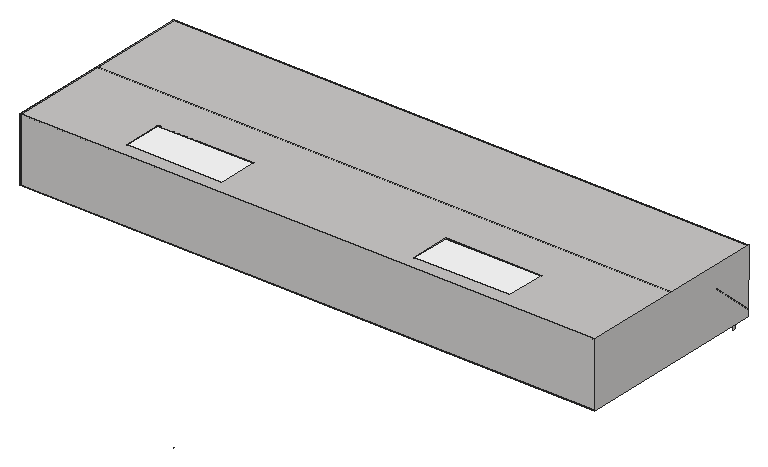
Revit family "QF_ELECTROLUXPROFESSIONAL_640194_EPF1236", category Attrezzature speciali, Revit 2021
Family settings
  Quota connettore circolare = Usa diametro
  Tipo di parte = Normale
  Basato su piano di lavoro = No
  Sempre verticale = Sì
  Taglio con vuoti quando caricato = No
  Condiviso = No
  Punto di calcolo locali = No
Parameters (values of type "Standard")
  Weight = 117.00 kg
  Watts = 0 W
  Volts = 0 V
  URL Manufacturer = "https://www.electroluxprofessional.com/"
  URL = "https://www.electroluxprofessional.com/"
  Steam Supply Size = 0 mm
  Steam Supply Minimum Pressure = 0.0 Pa
  Steam Supply Maximum Pressure = 0.0 Pa
  Steam Consumption per Hour = 0
  Refrigeration Suction Line Size = 0 mm
  Refrigeration Liquid Line Size = 0 mm
  Refrigerant Compressor Remote = yes
  Prospetto di default = 0 mm
  Produttore = "Electrolux Professional"
  Phase = 0
  Modello = "EPF1236"
  Length Actual = 3600 mm  # constant formula
  Item Number = "640194"
  Hot Water Size = 0 mm
  Height Actual = 400 mm  # constant formula
  HP = "0 HP"
  Gas Size = 0 mm
  Gas KW = 0
  Gas Input Pressure = 0 W
  Direct Waste Size = 0 mm
  Descrizione = "304 S/S WALL HOOD+FILTERS 360X120 CM"
  Depth Actual = 1200 mm  # constant formula
  Cycle = 0 Hz
  Condensate Return Size = 0 mm
  Compressed Air Volume = 0.0 L/s
  Compressed Air Size = 0 mm
  Compressed Air Pressure = 0.0 Pa
  Cold Water Size = 0 mm
  Accessory = yes
Reference planes
  plane 1: z = 0
  plane 2 "Center (Left/Right)": x = 150
  plane 3 "LEFT": x = -1650
  plane 4 "RIGHT": x = 1950
  plane 5 "BACK": y = 550
  plane 6 "TOP": z = 2400
  plane 7 "Base": z = 2000
  plane 8: z = 1970
  plane 9 "DrainY": y = 450
  plane 10: x = -1647
  plane 11: y = -320
  plane 12: y = -570
  plane 13 "DrainX": x = 1937
  plane 14 "AOLeft2": x = -450
  plane 15 "AORight1": x = 750
  plane 16: x = 1947
  plane 17: x = -1450
  plane 18: x = 1750
  plane 19 "Center (Front/Back)": y = -50
  plane 20 "Front": y = -650
  plane 21: through (0, -49.6, 2399.19) normal (0, -0.5736, 0.8192)
  plane 22: x = 50
  plane 23: x = 250
  plane 24 "AOLeft1": x = -1050
  plane 25 "AORight2": x = 1350
Forms (mm)
  Extrusion 1, solid, material "QF_Finishes_Stainless Steel"
    sketch origin (-1650, 0, 360) x (0, 1, 0) y (0, 0, 1)
      loop
        line (550, 1640) -> (550, 2040) -> (-650, 2040) -> (-650, 1640) -> (550, 1640)
    from 0 to 3
  Extrusion 2, solid, material "QF_Finishes_Stainless Steel"
    sketch origin (1950, 0, 360) x (0, 1, 0) y (0, 0, 1)
      loop
        line (550, 1640) -> (550, 2040) -> (-650, 2040) -> (-650, 1640) -> (550, 1640)
    from 0 to -3
  Extrusion 3, solid, material "QF_Finishes_Stainless Steel"
    sketch origin (150, 0, 360) x (0, 1, 0) y (0, 0, 1)
      loop
        line (-650, 2040) -> (-650, 1640) -> (-640, 1640) -> (-640, 1640.8) -> (-649.2, 1640.8) -> (-649.2, 2039.19) -> (549.2, 2039.19) -> (549.2, 1640.8) -> (540, 1640.8) -> (540, 1640) -> (550, 1640) -> (550, 2040) -> (-650, 2040)
    from -1800 to 1800
  Extrusion 4, solid, material "QF_Finishes_Stainless Steel"
    sketch origin (0, 0, 2000) x (0, 1, 0) y (-1, 0, 0)
      loop
        circle (450, -1937) r 4.763
    from -30 to 0
  Extrusion 5, void
    sketch origin (0, 0, 2400) x (0, 1, 0) y (-1, 0, 0)
      loop
        line (-320, 450) -> (-320, 1050) -> (-570, 1050) -> (-570, 450) -> (-320, 450)
    from 0 to -10
  Extrusion 6, solid, material "QF_Finishes_Stainless Steel"
    sketch origin (0, 0, 0) x (1, 0, 0) y (0, 1, 0)
      loop
        line (-1650, 550) -> (-1650, 549) -> (-1649, 549) -> (-1649, 550) -> (-1650, 550)
    from 0 to 1
  Extrusion 7, solid, material "QF_Finishes_Stainless Steel"
    sketch origin (150, 0, 360) x (0, 1, 0) y (0, 0, 1)
      loop
        line (-131.515, 1981.832) -> (-134.381, 1985.926) -> (-573.276, 1678.608) -> (-570.553, 1674.415) -> (-131.515, 1981.832)
    from -1600 to -1797
  Extrusion 8, solid, material "QF_Finishes_Stainless Steel"
    sketch origin (150, 0, 360) x (0, 1, 0) y (0, 0, 1)
      loop
        line (-650, 2039.19) -> (-650, 1640) -> (-619.702, 1640) -> (-570.553, 1674.415) -> (-578.723, 1686.995) -> (-579.394, 1686.559) -> (-571.645, 1674.627) -> (-619.955, 1640.8) -> (-649.2, 1640.8) -> (-649.2, 2039.19) -> (-650, 2039.19)
      loop
        line (-49.6, 2039.19) -> (-50.995, 2039.19) -> (-131.319, 1982.947) -> (-139.464, 1994.578) -> (-140.119, 1994.12) -> (-131.515, 1981.832) -> (-49.6, 2039.19)
    from -1797 to 1797
  Extrusion 9, solid, material "QF_Finishes_Stainless Steel"
    sketch origin (150, 0, 360) x (0, 1, 0) y (0, 0, 1)
      loop
        line (-131.515, 1981.832) -> (-134.381, 1985.926) -> (-573.276, 1678.608) -> (-570.553, 1674.415) -> (-131.515, 1981.832)
    from 1797 to 1600
  Extrusion 10, solid, material "QF_Finishes_Stainless Steel"
    sketch origin (150, 0, 360) x (0, 1, 0) y (0, 0, 1)
      loop
        line (-131.515, 1981.832) -> (-134.381, 1985.926) -> (-573.276, 1678.608) -> (-570.553, 1674.415) -> (-131.515, 1981.832)
    from -100 to 100
  Extrusion 11, solid, material "QF_Finished_Chrome"
    sketch origin (150, 0, 360) x (0, 1, 0) y (0, 0, 1)
      loop
        line (-131.515, 1981.832) -> (-134.381, 1985.926) -> (-573.276, 1678.608) -> (-570.553, 1674.415) -> (-131.515, 1981.832)
    from -1600 to -100
  Extrusion 12, solid, material "QF_Finished_Chrome"
    sketch origin (150, 0, 360) x (0, 1, 0) y (0, 0, 1)
      loop
        line (-131.515, 1981.832) -> (-134.381, 1985.926) -> (-573.276, 1678.608) -> (-570.553, 1674.415) -> (-131.515, 1981.832)
    from 100 to 1600
  Sweep 13, solid, material "QF_Finishes_Stainless Steel"
    path origin (0, 0, 0) x (1, 0, 0) y (0, 1, 0)
      loop
        line (1950, 550) -> (-1650, 550) -> (-1650, -650) -> (1950, -650) -> (1950, 550)
    profile origin (1950, -50, 0) x (1, 0, 0) y (0, 0, 1)
      loop
        line (-3, 2000) -> (-3, 2000.8) -> (-19, 2000.8) -> (-19, 2010) -> (-20, 2010) -> (-20, 2000) -> (-3, 2000)
  Extrusion 14, solid, material "QF_Finishes_Stainless Steel"
    sketch origin (150, 0, 0) x (0, 1, 0) y (0, 0, 1)
      loop
        line (549.2, 2040.8) -> (549.2, 2041.877) -> (289.521, 2275.693) -> (-43.438, 2399.19) -> (-45.739, 2399.19) -> (289.099, 2274.996) -> (549.2, 2040.8)
    from -1797 to 1797
  Extrusion 15, void
    sketch origin (1134.605, 0, 2400) x (0, 1, 0) y (-1, 0, 0)
      loop
        line (-320, -215.395) -> (-320, 384.605) -> (-570, 384.605) -> (-570, -215.395) -> (-320, -215.395)
    from 0 to -10
Cuts and joins
  Extrusion 5, Extrusion 15 cuts Extrusion 3
  joined: Extrusion 2, Extrusion 3, Sweep 13
Lines and regions (mm)
  symbolic lines, style "SpecialityEquipment", detail levels coarse
    curve 1: line (1950, 550, 2400) -> (-1650, 550, 2400)
    curve 2: line (-1650, 550, 2400) -> (-1650, -650, 2400)
    curve 3: line (1950, -650, 2400) -> (1950, 550, 2400)
    curve 4: line (-1650, 550, 0) -> (1950, -650, 0)
    curve 5: line (1950, 550, 0) -> (-1650, -650, 0)
    curve 6: line (-1650, -650, 0) -> (1950, -650, 0)
    curve 7: line (-450, -320, 0) -> (-1050, -320, 0)
    curve 8: line (-450, -570, 0) -> (-450, -320, 0)
    curve 9: line (-1050, -570, 0) -> (-450, -570, 0)
    curve 10: line (-1050, -320, 0) -> (-1050, -570, 0)
    curve 11: line (750, -320, 0) -> (750, -570, 0)
    curve 12: line (1350, -320, 0) -> (750, -320, 0)
    curve 13: line (1350, -570, 0) -> (1350, -320, 0)
    curve 14: line (750, -570, 0) -> (1350, -570, 0)
Dimensions and locks
  plane 3 "LEFT" to plane 4 "RIGHT" = 3600 mm
  equal spacing: plane 3 "LEFT", plane 2 "Center (Left/Right)", plane 4 "RIGHT"
  plane 7 "Base" to plane 8 = 30 mm
  plane 5 "BACK" to plane 9 "DrainY" = 100 mm  (x2)
  plane 3 "LEFT" to plane 10 = 3 mm
  plane 13 "DrainX" to plane 4 "RIGHT" = 13 mm
  plane 16 to plane 4 "RIGHT" = 3 mm
  plane 3 "LEFT" to plane 17 = 200 mm
  plane 18 to plane 4 "RIGHT" = 200 mm
  locked: plane 14 "AOLeft2" to plane 15 "AORight1" at 1200
  equal spacing: plane 14 "AOLeft2", plane 2 "Center (Left/Right)", plane 15 "AORight1"
  locked: plane 7 "Base" to level at 2000
  locked: plane 6 "TOP" to plane 7 "Base" at 400
  plane 5 "BACK" to plane 20 "Front" = 1200 mm  (x2)
  equal spacing: plane 5 "BACK", plane 19 "Center (Front/Back)", plane 20 "Front"
  locked: plane 22 to plane 23 at 200
  equal spacing: plane 22, plane 2 "Center (Left/Right)", plane 23
  plane 12 to plane 20 "Front" = 80 mm
  locked: plane 11 to plane 12 at 250
  locked: plane 24 "AOLeft1" to plane 14 "AOLeft2" at 600
  locked: plane 15 "AORight1" to plane 25 "AORight2" at 600
  aligned and locked: level to plane 1
  aligned and locked: plane 4 "RIGHT" to Extrusion 3
  aligned and locked: Extrusion 3 to plane 3 "LEFT"
  aligned and locked: Extrusion 5 to plane 12
  aligned and locked: Extrusion 5 to plane 11
  aligned and locked: Extrusion 7 to plane 10
  aligned and locked: Extrusion 7 to plane 17
  aligned and locked: Extrusion 2 to plane 16
  aligned and locked: plane 16 to Extrusion 9
  aligned and locked: plane 18 to Extrusion 9
  aligned and locked: plane 23 to Extrusion 10
  aligned and locked: Extrusion 10 to plane 22
  aligned and locked: plane 22 to Extrusion 11
  aligned and locked: Extrusion 11 to plane 17
  aligned and locked: Extrusion 12 to plane 23
  aligned and locked: Extrusion 12 to plane 18
  aligned and locked: Extrusion 14 to plane 10
  aligned and locked: plane 16 to Extrusion 14
  aligned and locked: Extrusion 8 to plane 10
  aligned and locked: plane 16 to Extrusion 8
  aligned and locked: Extrusion 5 to plane 24 "AOLeft1"
  aligned and locked: Extrusion 5 to plane 14 "AOLeft2"
  aligned and locked: plane 25 "AORight2" to Extrusion 15
  aligned and locked: plane 15 "AORight1" to Extrusion 15
Automatic sketch dimensions
  Extrusion 1 sketch curve to plane 7 "Base" = 0 mm
  Extrusion 1 sketch curve to plane 20 "Front" = 0 mm
  Extrusion 1 sketch curve to plane 5 "BACK" = 0 mm
  Extrusion 1 sketch curve to plane 6 "TOP" = 0 mm
  Extrusion 2 sketch curve to plane 7 "Base" = 0 mm
  Extrusion 2 sketch curve to plane 20 "Front" = 0 mm
  Extrusion 2 sketch curve to plane 5 "BACK" = 0 mm
  Extrusion 2 sketch curve to plane 6 "TOP" = 0 mm
  Extrusion 3 sketch curve to plane 6 "TOP" = 0 mm
  Extrusion 3 sketch curve to plane 20 "Front" = 0 mm
  Extrusion 3 sketch curve to plane 7 "Base" = 0 mm  (x2)
  Extrusion 3 sketch curve to plane 5 "BACK" = 0 mm
  plane 20 "Front" to Extrusion 3 sketch curve = 0.8 mm
  Extrusion 3 sketch curve to Extrusion 3 sketch curve = 9.2 mm
  plane 7 "Base" to Extrusion 3 sketch curve = 0.8 mm  (x2)
  Extrusion 3 sketch curve to plane 5 "BACK" = 10 mm
  Extrusion 3 sketch curve to plane 5 "BACK" = 0.8 mm
  Extrusion 3 sketch curve to plane 6 "TOP" = 0.81 mm
  Extrusion 4 sketch curve to plane 9 "DrainY" = 0 mm
  Extrusion 4 sketch curve to plane 13 "DrainX" = 0 mm
  Extrusion 5 sketch curve to plane 12 = 0 mm
  plane 11 to Extrusion 5 sketch curve = 0 mm
  Extrusion 5 sketch curve to plane 14 "AOLeft2" = 0 mm
  Extrusion 5 sketch curve to plane 24 "AOLeft1" = 0 mm
  Extrusion 6 sketch curve to plane 3 "LEFT" = 0 mm
  Extrusion 6 sketch curve to plane 5 "BACK" = 0 mm
  plane 3 "LEFT" to Extrusion 6 sketch curve = 1 mm
  Extrusion 6 sketch curve to Extrusion 6 sketch curve = 1 mm
  Extrusion 7 sketch curve to plane 21 = 0 mm  (x2)
  Extrusion 7 sketch curve to plane 12 = 3.276 mm
  Extrusion 7 sketch curve to plane 12 = 0.553 mm
  Extrusion 7 sketch curve to plane 6 "TOP" = 54.074 mm
  Extrusion 7 sketch curve to plane 19 "Center (Front/Back)" = 84.381 mm
  Extrusion 8 sketch curve to plane 20 "Front" = 0 mm
  Extrusion 8 sketch curve to plane 7 "Base" = 0 mm
  Extrusion 8 sketch curve to plane 21 = 0 mm  (x4)
  plane 20 "Front" to Extrusion 8 sketch curve = 0.8 mm
  Extrusion 8 sketch curve to Extrusion 8 sketch curve = 0.252 mm
  Extrusion 8 sketch curve to plane 12 = 9.394 mm
  Extrusion 8 sketch curve to Extrusion 8 sketch curve = 0.671 mm
  Extrusion 8 sketch curve to plane 12 = 1.645 mm
  Extrusion 8 sketch curve to plane 12 = 0.553 mm
  Extrusion 8 sketch curve to plane 6 "TOP" = 45.88 mm
  Extrusion 8 sketch curve to plane 19 "Center (Front/Back)" = 90.119 mm
  Extrusion 8 sketch curve to plane 6 "TOP" = 45.422 mm
  Extrusion 8 sketch curve to plane 6 "TOP" = 57.053 mm
  Extrusion 8 sketch curve to plane 6 "TOP" = 0.81 mm  (x2)
  plane 7 "Base" to Extrusion 8 sketch curve = 0.8 mm
  Extrusion 8 sketch curve to Extrusion 8 sketch curve = 0.212 mm
  Extrusion 9 sketch curve to plane 21 = 0 mm  (x2)
  Extrusion 9 sketch curve to plane 12 = 3.276 mm
  Extrusion 9 sketch curve to plane 12 = 0.553 mm
  Extrusion 9 sketch curve to plane 6 "TOP" = 54.074 mm
  Extrusion 9 sketch curve to plane 19 "Center (Front/Back)" = 84.381 mm
  Extrusion 10 sketch curve to plane 21 = 0 mm  (x2)
  Extrusion 10 sketch curve to plane 12 = 3.276 mm
  Extrusion 10 sketch curve to plane 12 = 0.553 mm
  Extrusion 10 sketch curve to plane 6 "TOP" = 54.074 mm
  Extrusion 10 sketch curve to plane 19 "Center (Front/Back)" = 84.381 mm
  Extrusion 11 sketch curve to plane 21 = 0 mm  (x2)
  Extrusion 11 sketch curve to plane 12 = 3.276 mm
  Extrusion 11 sketch curve to plane 12 = 0.553 mm
  Extrusion 11 sketch curve to plane 6 "TOP" = 54.074 mm
  Extrusion 11 sketch curve to plane 19 "Center (Front/Back)" = 84.381 mm
  Extrusion 12 sketch curve to plane 21 = 0 mm  (x2)
  Extrusion 12 sketch curve to plane 12 = 3.276 mm
  Extrusion 12 sketch curve to plane 12 = 0.553 mm
  Extrusion 12 sketch curve to plane 6 "TOP" = 54.074 mm
  Extrusion 12 sketch curve to plane 19 "Center (Front/Back)" = 84.381 mm
  Sweep 13 sketch curve to plane 3 "LEFT" = 0 mm
  Sweep 13 sketch curve to plane 4 "RIGHT" = 0 mm
  Sweep 13 sketch curve to plane 20 "Front" = 0 mm
  Sweep 13 sketch curve to plane 5 "BACK" = 0 mm
  profile plane to Sweep 13 sketch curve = 20 mm
  Sweep 13 sketch curve to Sweep 13 sketch curve = 1 mm
  profile plane to Sweep 13 sketch curve = 3 mm
  level to Sweep 13 sketch curve = 2000 mm
  Sweep 13 sketch curve to Sweep 13 sketch curve = 0.8 mm
  Sweep 13 sketch curve to Sweep 13 sketch curve = 9.2 mm
  Extrusion 14 sketch curve to plane 6 "TOP" = 0.81 mm  (x2)
  plane 19 "Center (Front/Back)" to Extrusion 14 sketch curve = 6.562 mm
  Extrusion 14 sketch curve to plane 9 "DrainY" = 160.901 mm
  Extrusion 14 sketch curve to Extrusion 14 sketch curve = 0.422 mm
  Extrusion 14 sketch curve to plane 5 "BACK" = 0.8 mm
  Extrusion 14 sketch curve to plane 6 "TOP" = 124.307 mm
  Extrusion 14 sketch curve to Extrusion 14 sketch curve = 0.697 mm
  plane 7 "Base" to Extrusion 14 sketch curve = 41.877 mm
  Extrusion 14 sketch curve to Extrusion 14 sketch curve = 1.077 mm
  Extrusion 14 sketch curve to Extrusion 14 sketch curve = 2.3 mm
  Extrusion 15 sketch curve to plane 12 = 0 mm
  plane 11 to Extrusion 15 sketch curve = 0 mm
  Extrusion 15 sketch curve to plane 15 "AORight1" = 600 mm
  plane 23 to Extrusion 15 sketch curve = 500 mm
  curve 5 to plane 3 "LEFT" = 0 mm
  curve 4 to plane 3 "LEFT" = 0 mm
  curve 6 to plane 20 "Front" = 0 mm
  curve 5 to plane 4 "RIGHT" = 0 mm
  curve 6 to plane 4 "RIGHT" = 0 mm
  curve 5 to plane 5 "BACK" = 0 mm
  curve 4 to plane 5 "BACK" = 0 mm
  curve 2 to plane 3 "LEFT" = 0 mm
  curve 2 to plane 20 "Front" = 0 mm
  curve 3 to plane 4 "RIGHT" = 0 mm
  curve 3 to plane 20 "Front" = 0 mm
  curve 2 to plane 5 "BACK" = 0 mm
  plane 11 to curve 7 = 0 mm
  curve 7 to plane 24 "AOLeft1" = 0 mm
  curve 8 to plane 12 = 0 mm
  curve 8 to plane 14 "AOLeft2" = 0 mm
  plane 11 to curve 11 = 0 mm
  curve 11 to plane 15 "AORight1" = 0 mm
  curve 12 to plane 25 "AORight2" = 0 mm
  curve 13 to plane 12 = 0 mm
  radius of Extrusion 4 sketch curve = 4.763 mm
Connectors
  piping at (1937, 450, 1970), diameter 9.5
    settings: on Extrusion 4, index 1, connector inside diameter 609.6 mm, connector length 0 mm, flow factor 0, pipe flow 0.0 L/s, pressure drop 0.0 Pa, fitting loss kfactor 0, connector angle 0.00°, fixture units 0, engagement length 0 mm, angle of deflection 0.00°, flow configuration 1, flow direction 2, fitting loss method 0, system type 16, joint type 0, gender type 0, connector reference index -1, connector utility 0, adjustable connector no, is connector primary yes, connector description "Drain"
  hvac at (-750, -445, 2400)
    settings: on Extrusion 5, index 2, duct flow 0.0 L/s, flow factor 0, pres drop 0.0 Pa, loss coef 0, conn angle 0.00°, conn width 250 mm, conn height 600 mm, conn diameter 609.6 mm, duct sys type 3, conn prof type 1, flow config 1, flow direction 2, loss method 0, conn ref index -1, conn util no, is conn primary yes, conn desc "EXHAUST OUTLET"
  hvac at (1050, -445, 2400)
    settings: on Extrusion 15, index 3, duct flow 0.0 L/s, flow factor 0, pres drop 0.0 Pa, loss coef 0, conn angle 0.00°, conn width 250 mm, conn height 600 mm, conn diameter 609.6 mm, duct sys type 3, conn prof type 1, flow config 1, flow direction 2, loss method 0, conn ref index -1, conn util no, is conn primary no, conn desc "EXHAUST OUTLET"
